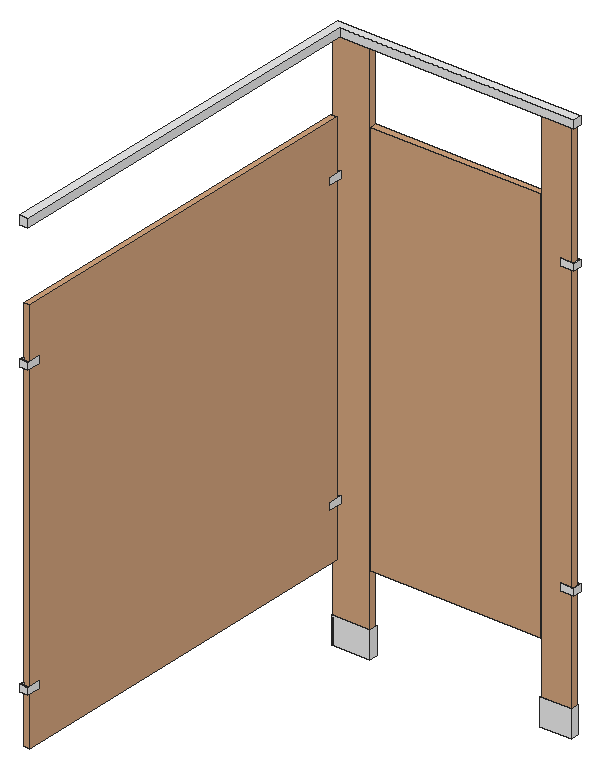
Revit family
Parameters (values of type "36" x 60" Single")
  Width = 3' - 0"
  Top Rail Offset = 0' - 0"
  Support Width = 0' - 5 1/2"
  Starter Wall Support = yes
  Right Door Swing [instance] = yes
  Panel Finish = Plastic - Generic - Tan
  Panel Bottom Offset = 1' - 0"  # constant formula
  OmniClass Title = "Toilet Compartments and Urinal Screens"  # constant formula
  OmniClass Number = "23.25.40.14.14.11"  # constant formula
  Manufacturer = "Generic"
  Left Door Swing [instance] = not(Right Door Swing)  # no
  Keynote = "10150"
  Height = 7' - 0"
  Panel Height = 5' - 0"
  Door Width = Width - 0' 10 1/4"  # 2' - 1 3/4"
  Description = "Toilet Compartment Partition"  # constant formula
  Depth = 5' - 0"
  Bracket Finish = Metal - Generic - Anodized Aluminum
  Assembly Code = "C1010400"
Types (5): name | Top Rail Offset | Support Width | Starter Wall Support
  (no name) | 0' - 0" | 0' - 5 1/2" | yes
  36" x 60" End | 0' - 0 5/8" | 0' - 5 1/2" | no
  36" x 60" Single | 0' - 0" | 0' - 5 1/2" | yes
  36" x 60" Starter | 0' - 0" | 0' - 10" | yes
  36" x 60" Intermediate | 0' - 0 5/8" | 0' - 10" | no
Reference planes (in)
  plane 1: y = 0
  plane 2 "Center (Left/Right)": x = 0.875
  plane 3 "Wall Edge": y = 3
  plane 4 "Partition Panel Center": x = -17.125
  plane 5 "Front Panel Front": y = 63
  plane 6 "End Support Exterior": x = -17.625
  plane 7 "Panel Back": y = 62
  plane 8 "Bottom": z = 0
  plane 9 "Door Panel Bottom": z = 12
  plane 10 "Door Panel Top": z = 72
  plane 11 "Wall Mount1": z = 20
  plane 12 "Wall Mount3": z = 64
  plane 13 "Headrail Brace Bottom": z = 82.75
  plane 14 "Headrail Brace Top": z = 84
  plane 15 "End Support Interior": x = -12.125
  plane 16 "Starter Support Interior": x = 13.875
  plane 17 "Wall Mount Offset": y = 3.5
  plane 18 "Partition Panel Front": y = 61.5
  plane 19 "Floor Mount Top": z = 4
  plane 20 "Partition Panel Interior": x = -16.625
  plane 21 "Right": x = 18.875
  plane 22 "Starter Support Offset": x = 18.375
  plane 23 "Partition Panel Exterior": x = -17.625
  plane 24 "Front Panel Center": y = 62.5
  plane 25 "Kick Plate Front": y = 63.125
  plane 26 "Support Kick Plate Left": x = -17.75
  plane 27 "Kick Plate Back": y = 61.875
  plane 28 "Support Kick Plate Right": x = -12
  plane 29 "Starter Kick Plate Left": x = 13.75
  plane 30 "Starter Kick Plate Right": x = 18.5
  plane 31 "Panel Center Elevation": z = 42
  plane 32 "Top Rail Offset": x = 18.875
  plane 33 "Partition Headrail Bracket Right": x = -16.5
  plane 34 "Partition Headrail Bracket Left": x = -17.75
Forms (in)
  Extrusion 1, solid, material "Plastic - Generic - Tan" <- "Panel Finish", visible <- "Starter Wall Support", detail levels medium+fine
    sketch origin (0, 0, 0) x (1, 0, 0) y (0, 1, 0)
      loop
        line (13.875, 63) -> (13.875, 62) -> (18.375, 62) -> (18.375, 63) -> (13.875, 63)
    from 0 to 82.75
  Extrusion 2, solid, material "Plastic - Generic - Tan" <- "Panel Finish", detail levels medium+fine
    sketch origin (0, 0, 0) x (1, 0, 0) y (0, 1, 0)
      loop
        line (-17.625, 63) -> (-17.625, 62) -> (-12.125, 62) -> (-12.125, 63) -> (-17.625, 63)
    from 0 to 82.75
  Extrusion 3, solid, material "Plastic - Generic - Tan" <- "Panel Finish", detail levels medium+fine
    sketch origin (-20.625, 3, 31.75743) x (1, 0, 0) y (0, 0, 1)
      loop
        line (34.375, 40.24257) -> (8.625, 40.24257) -> (8.625, -19.75743) -> (34.375, -19.75743) -> (34.375, 40.24257)
    from -60 to -59
  Extrusion 4, solid, material "Plastic - Generic - Tan" <- "Panel Finish", detail levels medium+fine
    sketch origin (0, 0, 0) x (1, 0, 0) y (0, 1, 0)
      loop
        line (-17.625, 3.5) -> (-16.625, 3.5) -> (-16.625, 61.5) -> (-17.625, 61.5) -> (-17.625, 3.5)
    from 12 to 72
  Extrusion 5, solid, material "Metal - Generic - Anodized Aluminum" <- "Bracket Finish", detail levels fine
    sketch origin (0, 0, 0) x (1, 0, 0) y (0, 1, 0)
      loop
        line (-17.75, 61.875) -> (-12, 61.875) -> (-12, 63.125) -> (-17.75, 63.125) -> (-17.75, 61.875)
      loop
        line (-17.625, 62) -> (-12.125, 62) -> (-12.125, 63) -> (-17.625, 63) -> (-17.625, 62)
    from 0 to 4
  Extrusion 6, solid, material "Metal - Generic - Anodized Aluminum" <- "Bracket Finish", detail levels fine
    sketch origin (0, 0, 82.75) x (1, 0, 0) y (0, 1, 0)
      loop
        line (18.875, 61.875) -> (18.875, 63.125) -> (-17.75, 63.125) -> (-17.75, 61.875) -> (18.875, 61.875)
    from 0 to 1.25
  Extrusion 7, solid, material "Metal - Generic - Anodized Aluminum" <- "Bracket Finish", detail levels fine
    sketch origin (0, 0, 82.75) x (1, 0, 0) y (0, 1, 0)
      loop
        line (-17.75, 61.875) -> (-17.75, 3) -> (-16.5, 3) -> (-16.5, 61.875) -> (-17.75, 61.875)
    from 0 to 1.25
  Extrusion 8, solid, material "Metal - Generic - Anodized Aluminum" <- "Bracket Finish", visible <- "Starter Wall Support", detail levels fine
    sketch origin (0, 0, 0) x (1, 0, 0) y (0, 1, 0)
      loop
        line (13.75, 63.125) -> (13.75, 61.875) -> (18.5, 61.875) -> (18.5, 63.125) -> (13.75, 63.125)
      loop
        line (13.875, 63) -> (13.875, 62) -> (18.375, 62) -> (18.375, 63) -> (13.875, 63)
    from 0 to 4
Cuts and joins
  joined: Extrusion 6, Extrusion 7
Lines and regions (in)
  Masking region 1, detail levels medium+fine
    outline origin (0, 0, 0) x (1, 0, 0) y (0, 1, 0)
      loop
        line (-17.625, 62) -> (-12.125, 62) -> (-12.125, 63) -> (-17.625, 63) -> (-17.625, 62)
  Masking region 2, detail levels medium+fine
    outline origin (0, 0, 0) x (1, 0, 0) y (0, 1, 0)
      loop
        line (-17.625, 3.5) -> (-16.625, 3.5) -> (-16.625, 61.5) -> (-17.625, 61.5) -> (-17.625, 3.5)
  Masking region 3, visible <- "Starter Wall Support", detail levels medium+fine
    outline origin (0, 0, 0) x (1, 0, 0) y (0, 1, 0)
      loop
        line (13.875, 62) -> (18.375, 62) -> (18.375, 63) -> (13.875, 63) -> (13.875, 62)
  Masking region 4, visible <- "Starter Wall Support", detail levels coarse+medium
    outline origin (0, 63, 0) x (-1, 0, 0) y (0, 0, 1)
      loop
        line (-18.375, 0) -> (-13.875, 0) -> (-13.875, 82.75) -> (-18.375, 82.75) -> (-18.375, 0)
  Masking region 5, visible <- "Starter Wall Support", detail levels fine
    outline origin (0, 63, 0) x (-1, 0, 0) y (0, 0, 1)
      loop
        line (-18.5, 0) -> (-13.75, 0) -> (-13.75, 4) -> (-13.875, 4) -> (-13.875, 82.75) -> (-18.375, 82.75) -> (-18.375, 4) -> (-18.5, 4) -> (-18.5, 0)
  Masking region 6
    outline origin (0, 63, 0) x (-1, 0, 0) y (0, 0, 1)
      loop
        line (-13.75, 12) -> (12, 12) -> (12, 72) -> (-13.75, 72) -> (-13.75, 12)
  Masking region 7, detail levels coarse+medium
    outline origin (0, 63, 0) x (-1, 0, 0) y (0, 0, 1)
      loop
        line (12.125, 0) -> (17.625, 0) -> (17.625, 82.75) -> (12.125, 82.75) -> (12.125, 0)
  Masking region 8, detail levels fine
    outline origin (0, 63, 0) x (-1, 0, 0) y (0, 0, 1)
      loop
        line (12, 0) -> (17.75, 0) -> (17.75, 4) -> (17.625, 4) -> (17.625, 82.75) -> (12.125, 82.75) -> (12.125, 4) -> (12, 4) -> (12, 0)
  Masking region 9, detail levels coarse+medium
    outline origin (-17.625, 0, 0) x (0, -1, 0) y (0, 0, 1)
      loop
        line (-63, 0) -> (-62, 0) -> (-62, 82.75) -> (-63, 82.75) -> (-63, 0)
  Masking region 10
    outline origin (-17.625, 0, 0) x (0, -1, 0) y (0, 0, 1)
      loop
        line (-61.5, 12) -> (-3.5, 12) -> (-3.5, 72) -> (-61.5, 72) -> (-61.5, 12)
  Masking region 11, detail levels fine
    outline origin (0, 63, 0) x (-1, 0, 0) y (0, 0, 1)
      loop
        line (-18.875, 82.75) -> (17.75, 82.75) -> (17.75, 84) -> (-18.875, 84) -> (-18.875, 82.75)
  Masking region 12, detail levels fine
    outline origin (-17.625, 0, 0) x (0, -1, 0) y (0, 0, 1)
      loop
        line (-63.125, 82.75) -> (-3, 82.75) -> (-3, 84) -> (-63.125, 84) -> (-63.125, 82.75)
  Masking region 13, detail levels fine
    outline origin (-17.625, 0, 0) x (0, -1, 0) y (0, 0, 1)
      loop
        line (-63.125, 0) -> (-61.875, 0) -> (-61.875, 4) -> (-62, 4) -> (-62, 82.75) -> (-63, 82.75) -> (-63, 4) -> (-63.125, 4) -> (-63.125, 0)
  Masking region 14, visible <- "Right Door Swing", detail levels medium+fine
    outline origin (0, 0, 0) x (1, 0, 0) y (0, 1, 0)
      loop
        line (-12, 62) -> (10.30015, 49.125) -> (10.80015, 49.99103) -> (-11.5, 62.86603) -> (-12, 62)
  Masking region 15, visible <- "Left Door Swing", detail levels medium+fine
    outline origin (0, 0, 0) x (1, 0, 0) y (0, 1, 0)
      loop
        line (13.75, 62) -> (13.25, 62.86603) -> (-9.05015, 49.99103) -> (-8.55015, 49.125) -> (13.75, 62)
  symbolic lines
    curve 1: line (-17.625, 3, 82.75) -> (-17.625, 3, 4)
  symbolic lines, style "Toilet Partition Panel", detail levels coarse
    curve 2: line (-17.625, 62.5, 0) -> (-12.125, 62.5, 0)
    curve 3: line (-17.125, 61.5, 0) -> (-17.125, 3.5, 0)
  symbolic lines, style "Toilet Partition Bracket-Hinges", visible <- "Starter Wall Support", detail levels fine
    curve 4: line (18.375, 63, 4) -> (13.875, 63, 4)
  symbolic lines, style "Toilet Partition Door Swing", visible <- "Left Door Swing"
    curve 5: line (-12, 63, 72) -> (13.75, 63, 42)
    curve 6: line (13.75, 63, 42) -> (-12, 63, 12)
    curve 30: arc (-12, 62, 0) -> (-11.12259, 55.33541, 0) -> (-8.55015, 49.125, 0) r 25.75
  symbolic lines, style "Toilet Partition Door Swing", visible <- "Right Door Swing"
    curve 7: line (13.75, 63, 72) -> (-12, 63, 42)
    curve 8: line (-12, 63, 42) -> (13.75, 63, 12)
    curve 28: arc (13.75, 62, 0) -> (12.87259, 55.33541, 0) -> (10.30015, 49.125, 0) r 25.75
  symbolic lines, style "Toilet Partition Bracket-Hinges", detail levels fine
    curve 9: line (-12.125, 63, 4) -> (-17.625, 63, 4)
    curve 10: line (-17.625, 63, 4) -> (-17.625, 62, 4)
  symbolic lines, style "Toilet Partition Panel", visible <- "Starter Wall Support", detail levels coarse
    curve 11: line (13.875, 62.5, 0) -> (18.375, 62.5, 0)
  model lines, style "Toilet Partition Panel", detail levels coarse
    curve 12: line (-17.125, 3.5, 72) -> (-17.125, 61.5, 72)
    curve 13: line (-17.125, 3.5, 12) -> (-17.125, 3.5, 72)
    curve 14: line (-17.125, 61.5, 12) -> (-17.125, 3.5, 12)
    curve 15: line (-17.125, 61.5, 72) -> (-17.125, 61.5, 12)
    curve 20: line (13.75, 62.5, 72) -> (13.75, 62.5, 12)
    curve 21: line (13.75, 62.5, 12) -> (-12, 62.5, 12)
    curve 22: line (-12.125, 62.5, 82.75) -> (-12.125, 62.5, 0)
    curve 23: line (-12, 62.5, 12) -> (-12, 62.5, 72)
    curve 24: line (-12, 62.5, 72) -> (13.75, 62.5, 72)
    curve 25: line (-17.625, 62.5, 82.75) -> (-12.125, 62.5, 82.75)
    curve 26: line (-17.625, 62.5, 0) -> (-17.625, 62.5, 82.75)
    curve 27: line (-12.125, 62.5, 0) -> (-17.625, 62.5, 0)
  model lines, style "Toilet Partition Panel", visible <- "Starter Wall Support", detail levels coarse
    curve 16: line (18.375, 62.5, 82.75) -> (18.375, 62.5, 0)
    curve 17: line (13.875, 62.5, 82.75) -> (18.375, 62.5, 82.75)
    curve 18: line (13.875, 62.5, 0) -> (13.875, 62.5, 82.75)
    curve 19: line (18.375, 62.5, 0) -> (13.875, 62.5, 0)
  symbolic lines, style "Toilet Partition Panel", visible <- "Right Door Swing", detail levels coarse
    curve 29: line (-12, 62, 0) -> (10.30015, 49.125, 0)
  symbolic lines, style "Toilet Partition Panel", visible <- "Left Door Swing", detail levels coarse
    curve 31: line (13.75, 62, 0) -> (-8.55015, 49.125, 0)
Text (in)
  text "Placement Side" at (0, 40.15149, 188.36043), in view "Right"
  text "Placement Side" at (-150.60644, 32.31868, 0), in view "Ref. Level"
  text "Placement Side" at (0, 81.62555, 140.59947), in view "Left"
Dimensions and locks (in)
  plane 3 "Wall Edge" to host wall = 0' - 0"
  "Panel Bottom Offset": plane 8 "Bottom" to plane 9 "Door Panel Bottom"
  "Panel Height": plane 9 "Door Panel Bottom" to plane 10 "Door Panel Top"
  plane 14 "Headrail Brace Top" to plane 13 "Headrail Brace Bottom" = 0' - 1 1/4"
  plane 3 "Wall Edge" to plane 17 "Wall Mount Offset" = 0' - 0 1/2"
  plane 8 "Bottom" to plane 19 "Floor Mount Top" = 0' - 4"
  "Height": plane 14 "Headrail Brace Top" to plane 8 "Bottom"
  locked: plane 17 "Wall Mount Offset" to host wall at 0.5
  "Width": plane 4 "Partition Panel Center" to plane 21 "Right"
  plane 16 "Starter Support Interior" to plane 21 "Right" = 0' - 5"
  plane 22 "Starter Support Offset" to plane 21 "Right" = 0' - 0 1/2"
  plane 4 "Partition Panel Center" to plane 15 "End Support Interior" = 0' - 5"
  locked: plane 12 "Wall Mount3" to plane 10 "Door Panel Top" at 8
  locked: plane 9 "Door Panel Bottom" to plane 11 "Wall Mount1" at 8
  locked: plane 5 "Front Panel Front" to plane 7 "Panel Back" at 1
  locked: plane 7 "Panel Back" to plane 18 "Partition Panel Front" at 0.5
  locked: plane 26 "Support Kick Plate Left" to plane 6 "End Support Exterior" at 0.125
  locked: plane 15 "End Support Interior" to plane 28 "Support Kick Plate Right" at 0.125
  locked: plane 29 "Starter Kick Plate Left" to plane 16 "Starter Support Interior" at 0.125
  locked: plane 22 "Starter Support Offset" to plane 30 "Starter Kick Plate Right" at 0.125
  "Support Width": plane 6 "End Support Exterior" to plane 15 "End Support Interior"
  equal spacing: plane 4 "Partition Panel Center", plane 2 "Center (Left/Right)", plane 21 "Right"
  equal spacing: plane 23 "Partition Panel Exterior", plane 4 "Partition Panel Center", plane 20 "Partition Panel Interior"
  plane 23 "Partition Panel Exterior" to plane 20 "Partition Panel Interior" = 0' - 1"
  equal spacing: plane 9 "Door Panel Bottom", plane 31 "Panel Center Elevation", plane 10 "Door Panel Top"
  locked: plane 20 "Partition Panel Interior" to plane 33 "Partition Headrail Bracket Right" at 0.125
  locked: plane 34 "Partition Headrail Bracket Left" to plane 23 "Partition Panel Exterior" at 0.125
  locked: plane 25 "Kick Plate Front" to plane 5 "Front Panel Front" at 0.125
  locked: plane 7 "Panel Back" to plane 27 "Kick Plate Back" at 0.125
  equal spacing: plane 5 "Front Panel Front", plane 24 "Front Panel Center", plane 7 "Panel Back"
  "Depth": plane 5 "Front Panel Front" to host wall
  "Top Rail Offset": plane 32 "Top Rail Offset" to plane 21 "Right"
  "Door Width": Masking region 14 sketch curve to Masking region 14 sketch curve
  "Door Width": Masking region 15 sketch curve to Masking region 15 sketch curve
  locked: plane 7 "Panel Back" to Masking region 14 sketch curve (angle 150.00°)
  locked: Masking region 14 sketch curve to Masking region 14 sketch curve (angle 90.00°)  (x3)
  locked: Masking region 15 sketch curve to Masking region 15 sketch curve (angle 90.00°)  (x3)
  locked: Masking region 15 sketch curve to plane 7 "Panel Back" (angle 150.00°)
  aligned and locked: Extrusion 1 sketch curve to plane 16 "Starter Support Interior"
  aligned and locked: Extrusion 1 sketch curve to plane 5 "Front Panel Front"
  aligned and locked: Extrusion 2 sketch curve to plane 5 "Front Panel Front"
  aligned and locked: Extrusion 2 sketch curve to plane 6 "End Support Exterior"
  aligned and locked: plane 13 "Headrail Brace Bottom" to Extrusion 2
  aligned and locked: Extrusion 3 sketch curve to plane 10 "Door Panel Top"
  aligned and locked: plane 9 "Door Panel Bottom" to Extrusion 3 sketch curve
  aligned and locked: Extrusion 1 sketch curve to plane 7 "Panel Back"
  aligned and locked: Extrusion 2 sketch curve to plane 7 "Panel Back"
  aligned and locked: plane 15 "End Support Interior" to Extrusion 2 sketch curve
  aligned and locked: plane 21 "Right" to nested 1
  aligned and locked: nested 1 to plane 24 "Front Panel Center"
  aligned and locked: plane 11 "Wall Mount1" to nested 1
  aligned and locked: plane 12 "Wall Mount3" to nested 2
  aligned and locked: nested 3 to plane 4 "Partition Panel Center"
  aligned and locked: plane 11 "Wall Mount1" to nested 3
  aligned and locked: plane 12 "Wall Mount3" to nested 4
  aligned and locked: plane 4 "Partition Panel Center" to nested 5
  aligned and locked: host wall to nested 5
  aligned and locked: plane 11 "Wall Mount1" to nested 5
  aligned and locked: plane 12 "Wall Mount3" to nested 6
  aligned and locked: plane 28 "Support Kick Plate Right" to Extrusion 3
  aligned and locked: plane 5 "Front Panel Front" to Extrusion 3
  aligned and locked: Extrusion 3 to plane 29 "Starter Kick Plate Left"
  aligned and locked: plane 22 "Starter Support Offset" to Extrusion 1 sketch curve
  aligned and locked: plane 23 "Partition Panel Exterior" to Extrusion 4 sketch curve
  aligned and locked: Extrusion 4 sketch curve to plane 17 "Wall Mount Offset"
  aligned and locked: plane 18 "Partition Panel Front" to Extrusion 4 sketch curve
  aligned and locked: Extrusion 4 sketch curve to plane 20 "Partition Panel Interior"
  aligned and locked: plane 10 "Door Panel Top" to Extrusion 4
  aligned and locked: Extrusion 4 to plane 9 "Door Panel Bottom"
  aligned and locked: plane 6 "End Support Exterior" to Masking region 1 sketch curve
  aligned and locked: Masking region 1 sketch curve to plane 15 "End Support Interior"
  aligned and locked: plane 5 "Front Panel Front" to Masking region 1 sketch curve
  aligned and locked: curve 2 to plane 24 "Front Panel Center"
  aligned and locked: plane 23 "Partition Panel Exterior" to Masking region 2 sketch curve  (x2)
  aligned and locked: Masking region 2 sketch curve to plane 20 "Partition Panel Interior"
  aligned and locked: plane 18 "Partition Panel Front" to Masking region 2 sketch curve
  aligned and locked: Masking region 2 sketch curve to plane 17 "Wall Mount Offset"
  aligned and locked: plane 16 "Starter Support Interior" to Masking region 3 sketch curve  (x2)
  aligned and locked: Masking region 3 sketch curve to plane 22 "Starter Support Offset"
  aligned and locked: plane 5 "Front Panel Front" to Masking region 3 sketch curve
  aligned and locked: Extrusion 2 to plane 8 "Bottom"
  aligned and locked: Extrusion 1 to plane 8 "Bottom"
  aligned and locked: plane 26 "Support Kick Plate Left" to Extrusion 5 sketch curve  (x2)
  aligned and locked: plane 25 "Kick Plate Front" to Extrusion 5 sketch curve
  aligned and locked: Extrusion 5 sketch curve to plane 28 "Support Kick Plate Right"
  aligned and locked: Extrusion 5 sketch curve to plane 27 "Kick Plate Back"
  aligned and locked: Extrusion 5 sketch curve to plane 15 "End Support Interior"
  aligned and locked: plane 5 "Front Panel Front" to Extrusion 5 sketch curve
  aligned and locked: plane 6 "End Support Exterior" to Extrusion 5 sketch curve
  aligned and locked: plane 19 "Floor Mount Top" to Extrusion 5
  aligned and locked: Extrusion 5 to plane 8 "Bottom"
  aligned and locked: plane 13 "Headrail Brace Bottom" to Masking region 4 sketch curve
  aligned and locked: plane 16 "Starter Support Interior" to Masking region 4 sketch curve
  aligned and locked: Masking region 4 sketch curve to plane 22 "Starter Support Offset"
  aligned and locked: Masking region 4 sketch curve to plane 8 "Bottom"
  aligned and locked: plane 8 "Bottom" to Masking region 5 sketch curve
  aligned and locked: Masking region 5 sketch curve to plane 29 "Starter Kick Plate Left"
  aligned and locked: Masking region 5 sketch curve to plane 19 "Floor Mount Top"  (x2)
  aligned and locked: plane 22 "Starter Support Offset" to Masking region 5 sketch curve
  aligned and locked: Masking region 5 sketch curve to plane 16 "Starter Support Interior"
  aligned and locked: Masking region 5 sketch curve to plane 13 "Headrail Brace Bottom"
  aligned and locked: curve 4 to plane 19 "Floor Mount Top"
  aligned and locked: plane 10 "Door Panel Top" to Masking region 6 sketch curve
  aligned and locked: plane 28 "Support Kick Plate Right" to Masking region 6 sketch curve
  aligned and locked: Masking region 6 sketch curve to plane 29 "Starter Kick Plate Left"
  aligned and locked: Masking region 6 sketch curve to plane 9 "Door Panel Bottom"
  aligned and locked: plane 13 "Headrail Brace Bottom" to Masking region 7 sketch curve
  aligned and locked: plane 6 "End Support Exterior" to Masking region 7 sketch curve
  aligned and locked: Masking region 7 sketch curve to plane 15 "End Support Interior"
  aligned and locked: Masking region 7 sketch curve to plane 8 "Bottom"
  aligned and locked: plane 8 "Bottom" to Masking region 8 sketch curve
  aligned and locked: Masking region 8 sketch curve to plane 26 "Support Kick Plate Left"
  aligned and locked: Masking region 8 sketch curve to Extrusion 5  (x2)
  aligned and locked: plane 28 "Support Kick Plate Right" to Masking region 8 sketch curve
  aligned and locked: plane 15 "End Support Interior" to Masking region 8 sketch curve
  aligned and locked: Masking region 8 sketch curve to plane 6 "End Support Exterior"
  aligned and locked: Masking region 8 sketch curve to plane 13 "Headrail Brace Bottom"
  aligned and locked: curve 9 to plane 19 "Floor Mount Top"
  aligned and locked: plane 13 "Headrail Brace Bottom" to Masking region 9 sketch curve
  aligned and locked: plane 5 "Front Panel Front" to Masking region 9 sketch curve
  aligned and locked: Masking region 9 sketch curve to plane 8 "Bottom"
  aligned and locked: curve 10 to plane 19 "Floor Mount Top"
  aligned and locked: Masking region 10 sketch curve to plane 17 "Wall Mount Offset"
  aligned and locked: plane 10 "Door Panel Top" to Masking region 10 sketch curve
  aligned and locked: plane 18 "Partition Panel Front" to Masking region 10 sketch curve
  aligned and locked: Masking region 10 sketch curve to plane 9 "Door Panel Bottom"
  aligned and locked: Extrusion 6 sketch curve to plane 25 "Kick Plate Front"
  aligned and locked: plane 27 "Kick Plate Back" to Extrusion 6 sketch curve
  aligned and locked: plane 32 "Top Rail Offset" to Extrusion 6 sketch curve
  aligned and locked: Extrusion 7 sketch curve to plane 27 "Kick Plate Back"
  aligned and locked: plane 33 "Partition Headrail Bracket Right" to Extrusion 7 sketch curve
  aligned and locked: Extrusion 7 sketch curve to plane 34 "Partition Headrail Bracket Left"
  aligned and locked: host wall to Extrusion 7 sketch curve
  aligned and locked: Extrusion 7 to plane 13 "Headrail Brace Bottom"
  aligned and locked: plane 14 "Headrail Brace Top" to Extrusion 7
  aligned and locked: Extrusion 6 to plane 13 "Headrail Brace Bottom"
  aligned and locked: plane 14 "Headrail Brace Top" to Extrusion 6
  aligned and locked: plane 14 "Headrail Brace Top" to Masking region 11 sketch curve
  aligned and locked: Masking region 11 sketch curve to plane 13 "Headrail Brace Bottom"
  aligned and locked: Masking region 11 sketch curve to plane 32 "Top Rail Offset"
  aligned and locked: plane 14 "Headrail Brace Top" to Masking region 12 sketch curve
  aligned and locked: Masking region 12 sketch curve to host wall
  aligned and locked: Masking region 12 sketch curve to plane 13 "Headrail Brace Bottom"
  aligned and locked: plane 25 "Kick Plate Front" to Masking region 12 sketch curve
  aligned and locked: plane 13 "Headrail Brace Bottom" to Extrusion 1
  aligned and locked: curve 11 to plane 24 "Front Panel Center"
  aligned and locked: Extrusion 3 to plane 7 "Panel Back"
  aligned and locked: nested 3 to plane 7 "Panel Back"
  aligned and locked: plane 27 "Kick Plate Back" to Extrusion 8 sketch curve
  aligned and locked: Extrusion 8 sketch curve to plane 29 "Starter Kick Plate Left"
  aligned and locked: Extrusion 8 sketch curve to plane 16 "Starter Support Interior"
  aligned and locked: plane 7 "Panel Back" to Extrusion 8 sketch curve
  aligned and locked: plane 22 "Starter Support Offset" to Extrusion 8 sketch curve
  aligned and locked: plane 30 "Starter Kick Plate Right" to Extrusion 8 sketch curve
  aligned and locked: Extrusion 8 sketch curve to plane 5 "Front Panel Front"
  aligned and locked: Extrusion 8 sketch curve to plane 25 "Kick Plate Front"
  aligned and locked: plane 19 "Floor Mount Top" to Extrusion 8
  aligned and locked: Extrusion 8 to plane 8 "Bottom"
  aligned and locked: nested 4 to plane 7 "Panel Back"
  aligned and locked: nested 2 to plane 24 "Front Panel Center"
  aligned and locked: host wall to nested 6
  aligned and locked: plane 8 "Bottom" to Masking region 13 sketch curve
  aligned and locked: plane 27 "Kick Plate Back" to Masking region 13 sketch curve
  aligned and locked: Masking region 13 sketch curve to plane 25 "Kick Plate Front"
  aligned and locked: Masking region 13 sketch curve to plane 5 "Front Panel Front"
  aligned and locked: plane 7 "Panel Back" to Masking region 13 sketch curve
  aligned and locked: Masking region 13 sketch curve to plane 19 "Floor Mount Top"  (x2)
  aligned and locked: Masking region 13 sketch curve to plane 13 "Headrail Brace Bottom"
  aligned and locked: Extrusion 6 sketch curve to plane 34 "Partition Headrail Bracket Left"
  aligned and locked: Masking region 11 sketch curve to cut or joined group of Extrusion 6, Extrusion 7
  aligned and locked: plane 18 "Partition Panel Front" to curve 15
  aligned and locked: plane 10 "Door Panel Top" to curve 12
  aligned and locked: curve 14 to plane 9 "Door Panel Bottom"
  aligned and locked: curve 13 to plane 17 "Wall Mount Offset"
  aligned and locked: curve 15 to plane 4 "Partition Panel Center"
  aligned and locked: plane 4 "Partition Panel Center" to curve 13
  aligned and locked: plane 4 "Partition Panel Center" to curve 3
  aligned and locked: plane 4 "Partition Panel Center" to curve 14
  aligned and locked: plane 24 "Front Panel Center" to curve 19
  aligned and locked: plane 24 "Front Panel Center" to curve 21
  aligned and locked: plane 24 "Front Panel Center" to curve 27
  aligned and locked: curve 26 to plane 24 "Front Panel Center"
  aligned and locked: plane 24 "Front Panel Center" to curve 22
  aligned and locked: curve 18 to plane 24 "Front Panel Center"
  aligned and locked: curve 23 to plane 24 "Front Panel Center"
  aligned and locked: plane 24 "Front Panel Center" to curve 20
  aligned and locked: curve 16 to plane 22 "Starter Support Offset"
  aligned and locked: plane 13 "Headrail Brace Bottom" to curve 17
  aligned and locked: plane 16 "Starter Support Interior" to curve 18
  aligned and locked: curve 19 to plane 8 "Bottom"
  aligned and locked: curve 21 to plane 9 "Door Panel Bottom"
  aligned and locked: curve 20 to plane 29 "Starter Kick Plate Left"
  aligned and locked: plane 28 "Support Kick Plate Right" to curve 23
  aligned and locked: curve 22 to plane 15 "End Support Interior"
  aligned and locked: curve 27 to plane 8 "Bottom"
  aligned and locked: curve 1 to plane 6 "End Support Exterior"
  aligned and locked: plane 13 "Headrail Brace Bottom" to curve 25
  aligned and locked: plane 10 "Door Panel Top" to curve 24
  aligned and locked: plane 7 "Panel Back" to Masking region 14 sketch curve
  aligned and locked: plane 28 "Support Kick Plate Right" to Masking region 14 sketch curve
  aligned and locked: plane 7 "Panel Back" to curve 28
  aligned and locked: Masking region 14 to curve 28
  aligned and locked: plane 29 "Starter Kick Plate Left" to Masking region 15 sketch curve
  aligned and locked: plane 7 "Panel Back" to Masking region 15 sketch curve
  aligned and locked: plane 7 "Panel Back" to curve 30
  aligned and locked: curve 30 to Masking region 15
  aligned and locked: nested 4 to plane 4 "Partition Panel Center"
  aligned and locked: plane 4 "Partition Panel Center" to nested 6
  aligned and locked: plane 8 "Bottom" to level
Automatic sketch dimensions
  Extrusion 3 sketch curve to plane 15 "End Support Interior" = 0' - 0 1/8"
  plane 16 "Starter Support Interior" to Extrusion 3 sketch curve = 0' - 0 1/8"
  Masking region 5 sketch curve to plane 30 "Starter Kick Plate Right" = 0' - 0"
  curve 4 to plane 22 "Starter Support Offset" = 0' - 0"
  curve 4 to plane 16 "Starter Support Interior" = 0' - 0"
  curve 8 to plane 9 "Door Panel Bottom" = 0' - 0"
  curve 8 to plane 29 "Starter Kick Plate Left" = 0' - 0"
  curve 5 to plane 29 "Starter Kick Plate Left" = 0' - 0"
  curve 7 to plane 10 "Door Panel Top" = 0' - 0"
  curve 7 to plane 29 "Starter Kick Plate Left" = 0' - 0"
  curve 7 to plane 28 "Support Kick Plate Right" = 0' - 0"
  curve 5 to plane 10 "Door Panel Top" = 0' - 0"
  curve 5 to plane 28 "Support Kick Plate Right" = 0' - 0"
  curve 6 to plane 9 "Door Panel Bottom" = 0' - 0"
  curve 6 to plane 28 "Support Kick Plate Right" = 0' - 0"
  curve 9 to plane 15 "End Support Interior" = 0' - 0"
  curve 9 to plane 6 "End Support Exterior" = 0' - 0"
  curve 7 to plane 31 "Panel Center Elevation" = 0' - 0"
  curve 5 to plane 31 "Panel Center Elevation" = 0' - 0"
  plane 18 "Partition Panel Front" to Masking region 1 sketch curve = 0' - 0 1/2"
  plane 18 "Partition Panel Front" to Masking region 3 sketch curve = 0' - 0 1/2"
  plane 18 "Partition Panel Front" to Extrusion 5 sketch curve = 0' - 0 1/2"
  plane 18 "Partition Panel Front" to Masking region 9 sketch curve = 0' - 0 1/2"
  curve 10 to plane 5 "Front Panel Front" = 0' - 0"
  curve 10 to plane 7 "Panel Back" = 0' - 0"
  curve 26 to plane 6 "End Support Exterior" = 0' - 0"
  curve 1 to plane 19 "Floor Mount Top" = 0' - 0"
  Masking region 14 sketch curve to plane 5 "Front Panel Front" = 0' - 0.13397"
  Masking region 15 sketch curve to plane 5 "Front Panel Front" = 0' - 0.13397"
  curve 2 to plane 6 "End Support Exterior" = 0' - 0"
  curve 2 to plane 15 "End Support Interior" = 0' - 0"
  curve 30 to plane 28 "Support Kick Plate Right" = 0' - 0"
  curve 28 to plane 28 "Support Kick Plate Right" = 0' - 0"
  curve 30 to plane 29 "Starter Kick Plate Left" = 0' - 0"
  curve 31 to plane 29 "Starter Kick Plate Left" = 0' - 0"
  curve 11 to plane 16 "Starter Support Interior" = 0' - 0"
  curve 11 to plane 22 "Starter Support Offset" = 0' - 0"
  curve 3 to plane 17 "Wall Mount Offset" = 0' - 0"
  curve 3 to plane 18 "Partition Panel Front" = 0' - 0"
  curve 1 to plane 13 "Headrail Brace Bottom" = 0' - 0"
Nested families (in)
  nested 1: "Toilet_Partition_Wall_Bracket-Generic" at (18.875, 62.5, 20) x (0, -1, 0) z (0, 0, 1), visible <- "Starter Wall Support", type "Toilet_Partition_Wall_Bracket-Generic"
  nested 2: "Toilet_Partition_Wall_Bracket-Generic" at (18.875, 62.5, 64) x (0, -1, 0) z (0, 0, 1), visible <- "Starter Wall Support", type "Toilet_Partition_Wall_Bracket-Generic"
  nested 3: "Toilet_Partition_Wall_Bracket-Generic" at (-17.125, 62, 20), type "Toilet_Partition_Wall_Bracket-Generic"
  nested 4: "Toilet_Partition_Wall_Bracket-Generic" at (-17.125, 62, 64), type "Toilet_Partition_Wall_Bracket-Generic"
  nested 5: "Toilet_Partition_Wall_Bracket-Generic" at (-17.125, 3, 20) x (-1, 0, 0) z (0, 0, 1), type "Toilet_Partition_Wall_Bracket-Generic"
  nested 6: "Toilet_Partition_Wall_Bracket-Generic" at (-17.125, 3, 64) x (-1, 0, 0) z (0, 0, 1), type "Toilet_Partition_Wall_Bracket-Generic"
Definition of nested family "Toilet_Partition_Wall_Bracket-Generic"
  Parameters
    Panel Width = 0' - 1"
    Height = 0' - 1"
    Depth = 0' - 2"
    Bracket Material = none
  Reference planes (in)
    plane 1 "Back": y = 0
    plane 2 "Center Elevation": z = 0
    plane 3 "Center (Left/Right)": x = 0
    plane 4 "Front": y = -2
    plane 5 "Left Interior": x = -0.5
    plane 6 "Right Interior": x = 0.5
    plane 7: y = -0.125
    plane 8 "Left": x = -0.625
    plane 9 "Right": x = 0.625
    plane 10 "Top": z = 0.5
    plane 11 "Bottom": z = -0.5
  Forms (in)
    Extrusion 1, solid, material <- "Bracket Material", detail levels fine
      sketch origin (0, 0, 0) x (1, 0, 0) y (0, 1, 0)
        loop
          line (-0.625, -2) -> (-0.5, -2) -> (-0.5, -0.125) -> (0.5, -0.125) -> (0.5, -2) -> (0.625, -2) -> (0.625, 0) -> (-0.625, 0) -> (-0.625, -2)
      from -0.5 to 0.5
  Lines and regions (in)
    Masking region 1, detail levels fine
      outline origin (0, 0, 0) x (1, 0, 0) y (0, 1, 0)
        loop
          line (-0.625, -2) -> (-0.5, -2) -> (-0.5, -0.125) -> (0.5, -0.125) -> (0.5, -2) -> (0.625, -2) -> (0.625, 0) -> (-0.625, 0) -> (-0.625, -2)
    Masking region 2, detail levels fine
      outline origin (0, 0, 0) x (0, 1, 0) y (0, 0, 1)
        loop
          line (-2, 0.5) -> (-2, -0.5) -> (0, -0.5) -> (0, 0.5) -> (-2, 0.5)
    symbolic lines, style "Toilet Partition Wall Bracket", detail levels medium
      curve 1: line (-0.5, -2, 0) -> (-0.5, 0, 0)
      curve 2: line (0.5, -2, 0) -> (0.5, 0, 0)
      curve 3: line (0, 0, 0.5) -> (0, -2, 0.5)
      curve 4: line (0, -2, 0.5) -> (0, -2, -0.5)
      curve 5: line (0, -2, -0.5) -> (0, 0, -0.5)
  Dimensions and locks (in)
    plane 1 "Back" to plane 7 = 0' - 0 1/8"
    equal spacing: plane 10 "Top", plane 2 "Center Elevation", plane 11 "Bottom"
    "Height": plane 10 "Top" to plane 11 "Bottom"
    "Panel Width": plane 5 "Left Interior" to plane 6 "Right Interior"
    "Depth": plane 1 "Back" to plane 4 "Front"
    locked: plane 1 "Back" to plane 7 at 0.125
    equal spacing: plane 5 "Left Interior", plane 3 "Center (Left/Right)", plane 6 "Right Interior"
    locked: plane 8 "Left" to plane 5 "Left Interior" at 0.125
    locked: plane 6 "Right Interior" to plane 9 "Right" at 0.125
    aligned and locked: Extrusion 1 sketch curve to plane 8 "Left"
    aligned and locked: plane 4 "Front" to Extrusion 1 sketch curve  (x2)
    aligned and locked: plane 5 "Left Interior" to Extrusion 1 sketch curve
    aligned and locked: Extrusion 1 sketch curve to plane 6 "Right Interior"
    aligned and locked: plane 9 "Right" to Extrusion 1 sketch curve
    aligned and locked: plane 7 to Extrusion 1 sketch curve
    aligned and locked: plane 1 "Back" to Extrusion 1 sketch curve
    aligned and locked: Masking region 1 sketch curve to plane 8 "Left"
    aligned and locked: plane 4 "Front" to Masking region 1 sketch curve  (x2)
    aligned and locked: plane 9 "Right" to Masking region 1 sketch curve
    aligned and locked: Masking region 1 sketch curve to plane 6 "Right Interior"
    aligned and locked: plane 5 "Left Interior" to Masking region 1 sketch curve
    aligned and locked: plane 7 to Masking region 1 sketch curve
    aligned and locked: plane 1 "Back" to Masking region 1 sketch curve
    aligned and locked: plane 6 "Right Interior" to Extrusion 1
    aligned and locked: curve 1 to plane 5 "Left Interior"
    aligned and locked: curve 2 to plane 6 "Right Interior"
    aligned and locked: plane 11 "Bottom" to Extrusion 1
    aligned and locked: plane 10 "Top" to Extrusion 1
    aligned and locked: plane 11 "Bottom" to curve 5
    aligned and locked: curve 4 to plane 4 "Front"
    aligned and locked: plane 10 "Top" to curve 3
    aligned and locked: Masking region 2 sketch curve to plane 10 "Top"
    aligned and locked: plane 1 "Back" to Masking region 2 sketch curve
    aligned and locked: plane 4 "Front" to Masking region 2 sketch curve
    aligned and locked: Masking region 2 sketch curve to plane 11 "Bottom"
  Automatic sketch dimensions
    curve 1 to plane 1 "Back" = 0' - 0"
    curve 2 to plane 1 "Back" = 0' - 0"
    curve 2 to plane 4 "Front" = 0' - 0"
    curve 1 to plane 4 "Front" = 0' - 0"
    curve 5 to plane 1 "Back" = 0' - 0"
    curve 3 to plane 1 "Back" = 0' - 0"
